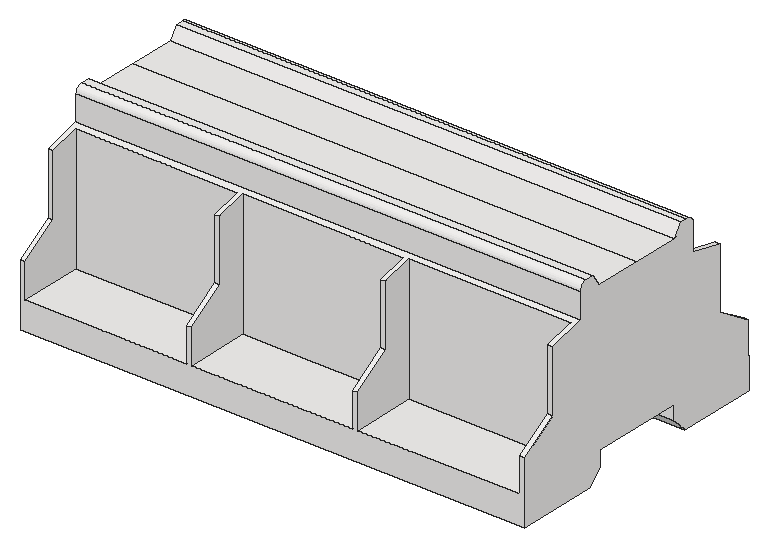
Revit family "Control_Unit-Lutron-DALI-Power_Module-QSN-2DALUNV-D", category Lighting Devices, host Face, Revit 2018
Family settings
  Host = Face
  Maintain Annotation Orientation = Yes
  Round Connector Dimension = Use Radius
  Part Type = Normal
  OmniClass Number = 23.80.30.11.17
  OmniClass Title = Distribution Boards and Control Panels
  Cut with Voids When Loaded = No
  Shared = No
  Room Calculation Point = No
Parameters (values of type "QSN-2DALUNV-D")
  Warranty URL = "http://www.lutron.com/en-US/Service-Support/Pages/Service/Warranty/Warranty.aspx"
  Voltage = 120 V
  Video Link = "https://www.youtube.com/user/LutronElectronicsInc"
  Version = "2018 - v1.0a"  # constant formula
  Type Comments = ""
  Support Phone = "(224) 699-9545"  # constant formula
  Support Email = "mailto: support@anguleris.com"
  Product Page URL = "https://www.lutron.com/en-US/products/pages/wholebuildingsystems/athena/overview.aspx"
  Product Name = "DALI® Power Module"
  Product Documentation Link = "https://www.lutron.com/TechnicalDocumentLibrary/3691142.pdf"
  Performance URL = "http://www.lutron.com/en-US/Service-Support/Pages/Technical/PerfomanceSpecs.aspx"
  Operating Voltage = "120/220-240 V~"
  URL = "http://www.lutron.com"
  Series = "Athena"
  Overall Width = 0' - 6 3/8"  # constant formula
  Overall Height = 0' - 2 3/8"  # constant formula
  Overall Depth = 0' - 3 1/2"  # constant formula
  Number of Poles = 1
  Model = "QSN-2DALUNV-D"
  Minimum Operating Temperature = 104 °F
  Maximum Operating Temperature = 32 °F
  Material = ""
  Manufacturer Phone Number = "610-282-3800"  # constant formula
  Manufacturer Fax Number = "610-282-1243"  # constant formula
  Manufacturer Email = "mailto:support@lutron.com"
  Manufacturer Address = "7200 Suter Rd, Coopersburg, PA 18036"  # constant formula
  Manufacturer = "Lutron Electronics Co., Inc"  # constant formula
  Label [instance] = "LC"
  Keynote = ""
  Instruction Sheet Link = "http://www.lutron.com/en-US/Service-Support/Pages/Technical/InstallationInstructions/InstallationInstructions.aspx#Power%20Interfaces%20&%20Power%20Panels"
  Frequency = "50|60 Hz"
  Finish = Plastic - Lutron - White - Matte
  Description = "DALI® Single master application controller"
  Default Elevation = 4' - 0"
  Current = 0.12 A
  Cost Info = "mailto:sales@lutron.com"
  Cost = 0
  Copyright = "© 2021 Lutron Electronics Co., Inc."  # constant formula
  Assembly Code = "D3060800"
  Apparent Power [instance] = Voltage * Current  # 14.4 VA
  Annotation Symbol Visibility [instance] = yes
Reference planes (in)
  plane 1 "Center (Front/Back)": y = 0
  plane 2: z = 0
  plane 3 "Center (Left/Right)": x = 0
  plane 4: z = 2.375
  plane 5: y = 1.75
  plane 6: y = -1.75
  plane 7: x = -3.1875
  plane 8: x = 3.1875
Forms (in)
  Extrusion 1, solid, material "Plastic - Lutron - White - Matte" <- "Finish"
    sketch origin (8.5, 0.00455, 0.02943) x (0, -1, 0) y (0, 0, 1)
      loop
        line (1.77779, -0.02943) -> (1.77779, 0.76385) -> (1.33367, 1.04799) -> (1.33367, 1.82638) -> (0.89356, 1.93611) -> (0.89356, 2.25426)
        arc (0.89356, 2.25426) -> (0.86682, 2.31883) -> (0.80225, 2.34557) r 0.09132
        line (0.80225, 2.34557) -> (0.70059, 2.34557) -> (0.60254, 2.20554) -> (0.00455, 2.20554) -> (-0.59343, 2.20554) -> (-0.69149, 2.34557) -> (-0.79314, 2.34557)
        arc (-0.79314, 2.34557) -> (-0.86123, 2.31511) -> (-0.88388, 2.24403) r 0.09132
        line (-0.88388, 2.24403) -> (-0.88388, 1.92541) -> (-1.3105, 1.83473) -> (-1.3105, 1.05456) -> (-1.76053, 0.77019) -> (-1.76053, -0.02943) -> (-0.75275, -0.02943) -> (-0.57598, 0.14735) -> (-0.57598, 0.33151) -> (0.5916, 0.33151) -> (0.5916, 0.1255) -> (0.74653, -0.02943) -> (1.77779, -0.02943)
    from 5.3125 to 11.6875
  Extrusion 2, void
    sketch origin (0, -12.51256, 0) x (1, 0, 0) y (0, 1, 0)
      loop
        line (-1.02012, 13.47887) -> (1.02012, 13.47887) -> (1.02012, 14.33418) -> (-1.02012, 14.33418) -> (-1.02012, 13.47887)
      loop
        line (3.12977, 14.33418) -> (1.07785, 14.33418) -> (1.07785, 13.47887) -> (3.12977, 13.47887) -> (3.12977, 14.33418)
      loop
        line (-3.12977, 14.33418) -> (-3.12977, 13.47887) -> (-1.07785, 13.47887) -> (-1.07785, 14.33418) -> (-3.12977, 14.33418)
      loop
        line (-1.02012, 11.54625) -> (-1.02012, 10.69094) -> (1.02012, 10.69094) -> (1.02012, 11.54625) -> (-1.02012, 11.54625)
      loop
        line (3.12977, 10.69094) -> (3.12977, 11.54625) -> (1.07785, 11.54625) -> (1.07785, 10.69094) -> (3.12977, 10.69094)
      loop
        line (-3.12977, 10.69094) -> (-1.07785, 10.69094) -> (-1.07785, 11.54625) -> (-3.12977, 11.54625) -> (-3.12977, 10.69094)
    from 0.36094 to 2.99
Cuts and joins
  Extrusion 2 cuts Extrusion 1
Lines and regions (in)
  Masking region 1
    outline origin (0, 0, 0) x (1, 0, 0) y (0, 0, 1)
      loop
        line (3.1875, 0) -> (3.1875, 2.375) -> (-3.1875, 2.375) -> (-3.1875, 0) -> (3.1875, 0)
  symbolic lines, detail levels medium+fine
    curve 1: line (3.1875, 0, 2.29882) -> (-3.1875, 0, 2.29882)
  symbolic lines, detail levels fine
    curve 2: line (3.12977, 0, 1.95483) -> (3.12977, 0, 0.36094)
    curve 3: line (3.12977, 0, 0.36094) -> (1.07785, 0, 0.36094)
    curve 4: line (1.07785, 0, 0.36094) -> (1.07785, 0, 1.93828)
    curve 5: line (1.02012, 0, 1.93828) -> (1.02012, 0, 0.36094)
    curve 6: line (1.02012, 0, 0.36094) -> (-0.02886, 0, 0.36094)
    curve 7: line (-0.02886, 0, 0.36094) -> (-1.02012, 0, 0.36094)
    curve 8: line (-1.02012, 0, 0.36094) -> (-1.02012, 0, 1.93828)
    curve 9: line (-1.07785, 0, 1.93828) -> (-1.07785, 0, 0.36094)
    curve 10: line (-1.07785, 0, 0.36094) -> (-3.12977, 0, 0.36094)
    curve 11: line (-3.12977, 0, 0.36094) -> (-3.12977, 0, 1.95483)
    curve 12: line (3.12977, 0, 1.95483) -> (-3.12977, 0, 1.95483)
    curve 13: line (1.07785, 0, 1.93828) -> (3.12977, 0, 1.93828)
    curve 14: line (-0.02886, 0, 1.93828) -> (1.07785, 0, 1.93828)
    curve 15: line (-1.02012, 0, 1.93828) -> (-0.02886, 0, 1.93828)
    curve 16: line (-1.07785, 0, 1.93828) -> (-3.12977, 0, 1.93828)
Dimensions and locks (in)
  equal spacing: host sketch curve, plane 1 "Center (Front/Back)", host sketch curve
  equal spacing: host sketch curve, plane 3 "Center (Left/Right)", host sketch curve
  plane 4 to level = 0' - 2 3/8"
  aligned and locked: plane 2 to host face
  aligned and locked: level to host face
  aligned and locked: plane 1 "Center (Front/Back)" to nested 1
  aligned and locked: plane 3 "Center (Left/Right)" to nested 1
Nested families (in)
  nested 1: "Lutron_Lighting_Power_Module_Annotation" at (0, 0, 0), visible <- "Annotation Symbol Visibility", type "QSE-CL-4M-D/LQSE-4M-D", detail levels coarse+medium
Connectors (in)
  electrical at (0, 1.26119, 0)
    settings: on cut or joined group of Extrusion 1, Extrusion 2, index 1, voltage 0 V, apparent load 0 VA, apparent load phase1 0 VA, apparent load phase2 0 VA, apparent load phase3 0 VA, power factor 1, load classification "Other", number of poles 1, system type 13, power factor state 1, is connector primary yes, connector utility no, sub classification motor no, connector description "Controls Connection"
  electrical at (0, -1.25761, 0), driven by "Number of Poles", driven by "Voltage", driven by "Apparent Power"
    settings: on cut or joined group of Extrusion 1, Extrusion 2, index 2, voltage 120 V, apparent load 0 VA, apparent load phase1 14.4 VA, apparent load phase2 0 VA, apparent load phase3 0 VA, power factor 1, load classification "Other", number of poles 1, system type 31, power factor state 1, is connector primary no, connector utility no, sub classification motor no, connector description "Power Connection"
Definition of nested family "Lutron_Lighting_Power_Module_Annotation"
  Parameters (values of type "QSWS2")
    Label = "KP"
  Types (9): name | Label
    QSE-IO | "QSE-IO"
    QSE-CL-4M-D/LQSE-4M-D | "4M"
    QSE-CL-DMX | "DMX"
    PHPM-WBX-120-WH | "WBX"
    LQSE-2DAL-D | "2DAL"
    LQSE-4S10-D | "4S10"
    LQSE-4T10-D | "4T10"
    LQSE-4A-D | "4A"
    QSWS2 | "KP"
  Reference planes (in)
    plane 1: y = 0
    plane 2: x = 0
  Lines and regions (in)
    detail lines, not visible
      curve 1: line (0, 0.12891, 0) -> (0, 0, 0)
    reference lines
      curve 2: line (0, 0.0625, 0) -> (-0.11983, 0.0625, 0)
      curve 3: line (0.10095, -0.04722, 0) -> (0.10095, 0.09386, 0)
      curve 4: line (0.10095, -0.04722, 0) -> (0.28349, -0.04722, 0)
      curve 5: line (0.10095, 0.04579, 0) -> (0.31014, 0.04579, 0)
    detail lines
      curve 6: line (-0.15637, 0.42347, 0) -> (0.15896, 0.42347, 0)
      curve 7: line (-0.15637, 0.12891, 0) -> (-0.15637, 0.42347, 0)
      curve 8: line (0.15896, 0.12891, 0) -> (-0.15637, 0.12891, 0)
      curve 9: line (0.15896, 0.42347, 0) -> (0.15896, 0.12891, 0)
      curve 10: line (0, 0.12891, 0) -> (0, 0, 0)
      curve 11: line (-0.08143, 0, 0) -> (0.08143, 0, 0)
  Text (in)
    label "2DAL" at (0.00317, 0.27539, 0), shows "Label"
  Dimensions and locks (in)
    locked: curve 4 to curve 5 at 0.09301
    locked: curve 1 to curve 3 at 0.10095
    curve 1 to curve 1 = 0' - 0 33/256"
    locked: plane 1 to curve 2 at 0.0625
    equal spacing: curve 11, plane 2, curve 11
    locked: curve 11 to curve 11 at 0.16287
    locked: curve 11 to curve 8 at 0.12891
    aligned and locked: curve 1 to curve 2
    aligned and locked: plane 1 to curve 1
    aligned and locked: curve 1 to plane 2
    aligned and locked: plane 2 to curve 1
    aligned and locked: curve 10 to plane 2
